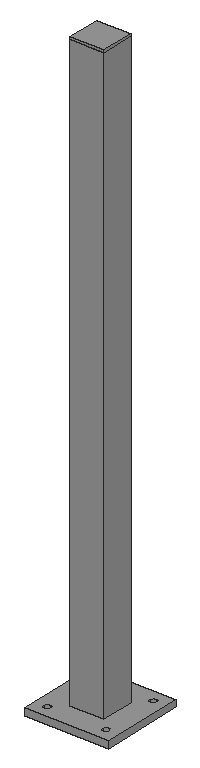
Revit family "ESPALIER_DOUBLE_MESH_PANEL_POST", category Specialty Equipment, Revit 2024
Family settings
  Round Connector Dimension = Use Diameter
  Part Type = Normal
  OmniClass Number = 23.55.00.00
  OmniClass Title = Manufactured Structures
  Work Plane-Based = No
  Enable Cutting in Views = No
  Always vertical = No
  Cut with Voids When Loaded = No
  Maintain Annotation Orientation = No
  Shared = No
  Room Calculation Point = No
Parameters (values of type "Assembly")
  Warranty URL = "https://palmshieldlouvers.com/wp-content/uploads/2020/01/PalmSHIELD-Warranty-NO-SIGN-LINE.pdf"
  Version = "2020 - v1.0a"  # constant formula
  URL = "https://palmshieldlouvers.com/"
  Product Page URL = "https://palmshieldlouvers.com/products/trellis-louvers/"
  Product Documentation Link = "https://palmshieldlouvers.com/wp-content/uploads/2022/03/PalmSHIELD-ESPALIER-trellis-panel-system-specifications-1.doc"
  Model = "Espalier Trellis System"  # constant formula
  Material = Metal - PalmSHIELD - Dusty Grey
  Manufacturer Phone Number = "531-329-4406 "  # constant formula
  Manufacturer Email = "mailto: info@palmshieldlouvers.com"
  Manufacturer Address = "12330 Cary Circle, La Vista, NE 68128"  # constant formula
  Manufacturer = "PalmSHIELD"  # constant formula
  Keynote = "05 10 00"
  Instruction Sheet Link = "https://palmshieldlouvers.com/wp-content/uploads/2020/01/PalmSHIELD-Post-Panel-Gate-Installation-Instructions-REV-1.pdf"
  ID [instance] = "Not Assigned"
  Height [instance] = if(Desired Overall Height < C Min Height, C Min Height, if(Desired Overall Height > C Max Height, C Max Height, Desired Overall Height))  # 6' - 0"
  Desired Overall Height [instance] = 6' - 0"
  Description = "Espalier Trellis System - Square Post"  # constant formula
  Default Elevation = 0' - 0"
  Copyright = "Copyright ©2024 The American Fence Company and PalmSHIELD. All Rights Reserved."  # constant formula
  Component Vis [instance] = yes
  Component Name [instance] = "Espalier Trellis System - Square Post"  # constant formula
  C Post Width = 0' - 4"  # constant formula
  C Min Height [instance] = 3' - 4"  # constant formula
  C Max Height [instance] = 10' - 0"  # constant formula
  Assembly Code = "F1020100"
Reference planes (in)
  plane 1 "Center (Front/Back)": y = 0
  plane 2: z = 0
  plane 3 "Center (Left/Right)": x = 0
  plane 4: z = 72
  plane 5: y = 2
  plane 6: y = -2
  plane 7: x = 2
  plane 8: x = -2
Lines and regions (in)
  reference lines
    curve 1: line (-24.29961, 0, 72) -> (24.70039, 0, 72)
Dimensions and locks (in)
  "Desired Overall Height": curve 1 to plane 2
  "Height": plane 4 to plane 2
  equal spacing: plane 8, plane 3 "Center (Left/Right)", plane 7
  equal spacing: plane 5, plane 1 "Center (Front/Back)", plane 6
  "C Post Width": plane 5 to plane 6
  "C Post Width": plane 8 to plane 7
  aligned and locked: plane 2 to level
Automatic sketch dimensions
  curve 1 to plane 8 = 1' - 10.29961"
  curve 1 to plane 7 = 1' - 10.70039"
Nested families (in)
  nested 1: "Screening-Louver-Assembly-Post-Palmshield-Espalier_Trellis_System" at (0, 0, 0), Desired Overall Height <- "Desired Overall Height", Overall Height <- "Height", ID <- "ID", Component Vis <- "Component Vis", type "Assembly"
    with Overall Height 6' - 0", ID "Not Assigned", Desired Overall Height 6' - 0", Component Vis yes, Component Name "Espalier Trellis System - Post Assembly"
  nested 2: "Nested-Base_Plate-Palmshield-Espalier_Trellis_System" at (0, 0, 0), type "10" x 10" x 3/4""
    with Material Metal - PalmSHIELD - Dusty Grey, ID "Not Assigned", Component Name "Espalier Trellis System - Aluminum - Base Plate"
  nested 3: "Nested-Square_Post-Aluminum-Palmshield-Espalier_Trellis_System" at (0, 0, 0.75), type "4" X 4" X 1/4" SQ. TUBE"
    with Material Metal - PalmSHIELD - Dusty Grey, Length 5' - 11", ID "Not Assigned", Component Name "Espalier Trellis System - Aluminum - Square Post"
  nested 4: "Nested-Top_Cap-Palmshield-Espalier_Trellis_System" at (0, 0, 71.75), type "4" x 4" x 1/4""
    with Material Metal - PalmSHIELD - Dusty Grey, ID "Not Assigned", Component Name "Espalier Trellis System - Aluminum - Square Top Cap"
Definition of nested family "Nested-Base_Plate-Palmshield-Espalier_Trellis_System"
  Parameters (values of type "10" x 10" x 3/4"")
    Width = if(Constraints = 1, 0' 10", 1' 2")  # 0' - 10"
    Warranty URL = "https://palmshieldlouvers.com/wp-content/uploads/2020/01/PalmSHIELD-Warranty-NO-SIGN-LINE.pdf"
    Version = "2020 - v1.0a"  # constant formula
    URL = "https://palmshieldlouvers.com/"
    Thickness = 0' - 0 3/4"  # constant formula
    Product Page URL = "https://palmshieldlouvers.com/products/trellis-louvers/"
    Product Documentation Link = "Contact Manufacturer for More Information"
    Model = "Espalier Trellis System - Single"  # constant formula
    Material [instance] = none
    Manufacturer Phone Number = "531-329-4406 "  # constant formula
    Manufacturer Fax Number = "Consult Manufacturer Website for More Information"  # constant formula
    Manufacturer Email = "mailto: info@palmshieldlouvers.com"
    Manufacturer Address = "12330 Cary Circle, La Vista, NE 68128"  # constant formula
    Manufacturer = "PalmSHIELD"  # constant formula
    Keynote = "05 10 00"
    Instruction Sheet Link = "https://palmshieldlouvers.com/wp-content/uploads/2020/01/PalmSHIELD-Post-Panel-Gate-Installation-Instructions-REV-1.pdf"
    ID [instance] = ""
    Hole Diameter = 0' - 0 3/4"  # constant formula
    Height = 0' - 10"  # constant formula
    Description = "Espalier Trellis System - Base Plate"  # constant formula
    Default Elevation = 4' - 0"
    Copyright = "Copyright ©2024 The American Fence Company and PalmSHIELD. All Rights Reserved."  # constant formula
    Constraints = 1
    Component Name [instance] = "Espalier Trellis System - Aluminum - Base Plate"  # constant formula
    C Hole Offset = 0' - 1 1/2"  # constant formula
    Assembly Code = "F1020100"
  Reference planes (in)
    plane 1 "Center (Front/Back)": y = 0
    plane 2: z = 0
    plane 3 "Center (Left/Right)": x = 0
    plane 4: y = 5
    plane 5: x = 5
    plane 6: y = -5
    plane 7: x = -5
    plane 8: z = 0.75
  Forms (in)
    Extrusion 1, solid
      sketch origin (0, 0, 0) x (1, 0, 0) y (0, 1, 0)
        loop
          line (-48, 48) -> (-48, -48) -> (48, -48) -> (48, 48) -> (-48, 48)
      from 0 to -12
    Extrusion 2, solid, material <- "Material"
      sketch origin (0, 0, 0) x (1, 0, 0) y (0, 1, 0)
        loop
          line (-5, 5) -> (-5, -5) -> (5, -5) -> (5, 5) -> (-5, 5)
        loop
          circle (-3.5, 3.5) r 0.375
        loop
          circle (3.5, 3.5) r 0.375
        loop
          circle (-3.5, -3.5) r 0.375
        loop
          circle (3.5, -3.5) r 0.375
      from 0 to 0.75
  Dimensions and locks (in)
    equal spacing: plane 7, plane 3 "Center (Left/Right)", plane 5
    equal spacing: plane 4, plane 1 "Center (Front/Back)", plane 6
    "Width": plane 7 to plane 5
    "Height": plane 4 to plane 6
    "C Hole Offset": plane 7 to Extrusion 2 sketch curve  (x2)
    "C Hole Offset": Extrusion 2 sketch curve to plane 5  (x2)
    "C Hole Offset": plane 4 to Extrusion 2 sketch curve  (x2)
    "C Hole Offset": plane 6 to Extrusion 2 sketch curve  (x2)
    "Thickness": plane 8 to plane 2
    "Width": Extrusion 2 to Extrusion 2
    "Hole Diameter": diameter of Extrusion 2 sketch curve  (x4)
    aligned and locked: plane 2 to Extrusion 1
    aligned and locked: level to Extrusion 1
    aligned and locked: Extrusion 2 sketch curve to plane 4
    aligned and locked: plane 7 to Extrusion 2 sketch curve
    aligned and locked: Extrusion 2 sketch curve to plane 6
    aligned and locked: Extrusion 2 sketch curve to plane 5
    aligned and locked: plane 8 to Extrusion 2
  Automatic sketch dimensions
    Extrusion 1 sketch curve to Extrusion 1 sketch curve = 8' - 0"  (x2)
Definition of nested family "Nested-Square_Post-Aluminum-Palmshield-Espalier_Trellis_System"
  Parameters (values of type "4" X 4" X 1/4" SQ. TUBE")
    Width = 0' - 4"  # constant formula
    Warranty URL = "https://palmshieldlouvers.com/wp-content/uploads/2020/01/PalmSHIELD-Warranty-NO-SIGN-LINE.pdf"
    Version = "2020 - v1.0a"  # constant formula
    URL = "https://palmshieldlouvers.com/"
    Thickness = 0' - 0 1/4"  # constant formula
    Product Page URL = "https://palmshieldlouvers.com/products/trellis-louvers/"
    Product Documentation Link = "Contact Manufacturer for More Information"
    Model = "Espalier Trellis System - Single"  # constant formula
    Material [instance] = none
    Manufacturer Phone Number = "531-329-4406 "  # constant formula
    Manufacturer Fax Number = "Consult Manufacturer Website for More Information"  # constant formula
    Manufacturer Email = "mailto: info@palmshieldlouvers.com"
    Manufacturer Address = "12330 Cary Circle, La Vista, NE 68128"  # constant formula
    Manufacturer = "PalmSHIELD"  # constant formula
    Length [instance] = 4' - 4.86713"
    Keynote = "05 10 00"
    Instruction Sheet Link = "https://palmshieldlouvers.com/wp-content/uploads/2020/01/PalmSHIELD-Post-Panel-Gate-Installation-Instructions-REV-1.pdf"
    ID [instance] = ""
    Description = "Espalier Trellis System - Post"  # constant formula
    Default Elevation = 4' - 0"
    Copyright = "Copyright ©2024 The American Fence Company and PalmSHIELD. All Rights Reserved."  # constant formula
    Component Name [instance] = "Espalier Trellis System - Aluminum - Square Post"  # constant formula
    Assembly Code = "F1020100"
  Reference planes (in)
    plane 1 "Center (Front/Back)": y = 0
    plane 2: z = 0
    plane 3 "Center (Left/Right)": x = 0
    plane 4: z = 52.86713
    plane 5: x = 2
    plane 6: x = -2
  Forms (in)
    Extrusion 1, solid
      sketch origin (0, 0, 0) x (1, 0, 0) y (0, 1, 0)
        loop
          line (-48, 48) -> (-48, -48) -> (48, -48) -> (48, 48) -> (-48, 48)
      from 0 to -12
    Sweep 2, solid, material <- "Material"
      path origin (0, 0, 0) x (0, 1, 0) y (0, 0, 1)
        loop
          line (0, 0) -> (0, 52.86713)
      profile "Profile-Palmshield-Square : 4" X 4" X 1/4" SQ. TUBE" origin (0, 0, 26.43357) x (0, -1, 0) y (1, 0, 0)
        loop
          line (1.75, 1.75) -> (-1.75, 1.75) -> (-1.75, -1.75) -> (1.75, -1.75) -> (1.75, 1.75)
        loop
          line (-2, -2) -> (2, -2) -> (2, 2) -> (-2, 2) -> (-2, -2)
  Dimensions and locks (in)
    "Length": plane 4 to plane 2
    equal spacing: plane 5, plane 3 "Center (Left/Right)", plane 6
    "Width": plane 5 to plane 6
    aligned and locked: plane 2 to Extrusion 1
    aligned and locked: level to Extrusion 1
    aligned and locked: plane 1 "Center (Front/Back)" to Sweep 2 sketch curve
    aligned and locked: plane 4 to Sweep 2 sketch curve
  Automatic sketch dimensions
    Extrusion 1 sketch curve to Extrusion 1 sketch curve = 8' - 0"  (x2)
    Sweep 2 sketch curve to level = 0' - 0"
Definition of nested family "Nested-Top_Cap-Palmshield-Espalier_Trellis_System"
  Parameters (values of type "4" x 4" x 1/4"")
    Width = 0' - 4"  # constant formula
    Warranty URL = "https://palmshieldlouvers.com/wp-content/uploads/2020/01/PalmSHIELD-Warranty-NO-SIGN-LINE.pdf"
    Version = "2020 - v1.0a"  # constant formula
    URL = "https://palmshieldlouvers.com/"
    Thickness = 0' - 0 1/4"  # constant formula
    Product Page URL = "https://palmshieldlouvers.com/products/trellis-louvers/"
    Product Documentation Link = "Contact Manufacturer for More Information"
    Model = "Espalier Trellis System - Single"  # constant formula
    Material [instance] = none
    Manufacturer Phone Number = "531-329-4406 "  # constant formula
    Manufacturer Fax Number = "Consult Manufacturer Website for More Information"  # constant formula
    Manufacturer Email = "mailto: info@palmshieldlouvers.com"
    Manufacturer Address = "12330 Cary Circle, La Vista, NE 68128"  # constant formula
    Manufacturer = "PalmSHIELD"  # constant formula
    Keynote = "05 10 00"
    Instruction Sheet Link = "https://palmshieldlouvers.com/wp-content/uploads/2020/01/PalmSHIELD-Post-Panel-Gate-Installation-Instructions-REV-1.pdf"
    ID [instance] = ""
    Description = "Espalier Trellis System - Top Cap"  # constant formula
    Default Elevation = 4' - 0"
    Copyright = "Copyright ©2024 The American Fence Company and PalmSHIELD. All Rights Reserved."  # constant formula
    Component Name [instance] = "Espalier Trellis System - Aluminum - Square Top Cap"  # constant formula
    Assembly Code = "F1020100"
  Reference planes (in)
    plane 1 "Center (Front/Back)": y = 0
    plane 2: z = 0
    plane 3 "Center (Left/Right)": x = 0
    plane 4: y = 2
    plane 5: x = 2
    plane 6: y = -2
    plane 7: x = -2
    plane 8: z = 0.25
  Forms (in)
    Extrusion 1, solid
      sketch origin (0, 0, 0) x (1, 0, 0) y (0, 1, 0)
        loop
          line (-48, 48) -> (-48, -48) -> (48, -48) -> (48, 48) -> (-48, 48)
      from 0 to -12
    Extrusion 2, solid, material <- "Material"
      sketch origin (0, 0, 0) x (1, 0, 0) y (0, 1, 0)
        loop
          line (-2, 2) -> (-2, -2) -> (2, -2) -> (2, 2) -> (-2, 2)
      from 0 to 0.25
  Dimensions and locks (in)
    equal spacing: plane 7, plane 3 "Center (Left/Right)", plane 5
    equal spacing: plane 4, plane 1 "Center (Front/Back)", plane 6
    "Width": plane 7 to plane 5
    "Width": plane 4 to plane 6
    "Thickness": plane 8 to plane 2
    aligned and locked: plane 2 to Extrusion 1
    aligned and locked: level to Extrusion 1
    aligned and locked: Extrusion 2 sketch curve to plane 4
    aligned and locked: plane 7 to Extrusion 2 sketch curve
    aligned and locked: Extrusion 2 sketch curve to plane 6
    aligned and locked: Extrusion 2 sketch curve to plane 5
    aligned and locked: plane 8 to Extrusion 2
  Automatic sketch dimensions
    Extrusion 1 sketch curve to Extrusion 1 sketch curve = 8' - 0"  (x2)
Definition of nested family "Screening-Louver-Assembly-Post-Palmshield-Espalier_Trellis_System"
  Parameters (values of type "Default")
    Width = 0' - 4"  # constant formula
    Warranty URL = "https://palmshieldlouvers.com/wp-content/uploads/2020/01/PalmSHIELD-Warranty-NO-SIGN-LINE.pdf"
    Version = "2020 - v1.0a"  # constant formula
    URL = "https://palmshieldlouvers.com/"
    Top Cap Thickness = 0' - 0 1/8"  # constant formula
    Product Page URL = "https://palmshieldlouvers.com/products/trellis-louvers/"
    Product Documentation Link = "Contact Manufacturer for More Information"
    Overall Height [instance] = if(Desired Overall Height < 3' 0", 3' 0", if(Desired Overall Height > 10' 0", 10' 0", Desired Overall Height))  # 6' - 0"
    Model = "Espalier Trellis System - Single"  # constant formula
    Material = none
    Manufacturer Phone Number = "531-329-4406 "  # constant formula
    Manufacturer Fax Number = "Consult Manufacturer Website for More Information"  # constant formula
    Manufacturer Email = "mailto: info@palmshieldlouvers.com"
    Manufacturer Address = "12330 Cary Circle, La Vista, NE 68128"  # constant formula
    Manufacturer = "PalmSHIELD"  # constant formula
    Keynote = "05 10 00"
    Instruction Sheet Link = "https://palmshieldlouvers.com/wp-content/uploads/2020/01/PalmSHIELD-Post-Panel-Gate-Installation-Instructions-REV-1.pdf"
    ID [instance] = "Not Assigned"
    Desired Overall Height [instance] = 6' - 0"
    Description = "Espalier Trellis System - Post Assembly"  # constant formula
    Default Elevation = 4' - 0"
    Copyright = "Copyright ©2024 The American Fence Company and PalmSHIELD. All Rights Reserved."  # constant formula
    Component Vis [instance] = yes
    Component Name [instance] = "Espalier Trellis System - Post Assembly"  # constant formula
    Base Plate Thickness = 0' - 0 3/4"  # constant formula
    Assembly Code = "F1020100"
  Reference planes (in)
    plane 1 "Center (Front/Back)": y = 0
    plane 2: z = 0
    plane 3 "Center (Left/Right)": x = 0
    plane 4: x = 2
    plane 5: x = -2
    plane 6: z = 72
    plane 7: z = 2
    plane 8: z = 71.75
  Forms (in)
    Extrusion 1, solid
      sketch origin (0, 0, 0) x (1, 0, 0) y (0, 1, 0)
        loop
          line (-48, 48) -> (-48, -48) -> (48, -48) -> (48, 48) -> (-48, 48)
      from 0 to -12
  Lines and regions (in)
    reference lines
      curve 1: line (-64.16684, 0, 72) -> (79.83316, 0, 72)
  Dimensions and locks (in)
    equal spacing: plane 4, plane 3 "Center (Left/Right)", plane 5
    "Width": plane 4 to plane 5
    plane 7 to plane 2 = 0' - 2"
    plane 3 "Center (Left/Right)" to nested 2 = 0' - 0"
    plane 3 "Center (Left/Right)" to nested 3 = 0' - 0"
    locked: plane 6 to plane 8 at 0.25
    "Desired Overall Height": curve 1 to plane 2
    "Overall Height": plane 6 to plane 2
    aligned and locked: plane 2 to Extrusion 1
    aligned and locked: level to Extrusion 1
    aligned and locked: plane 1 "Center (Front/Back)" to nested 1
    aligned and locked: plane 1 "Center (Front/Back)" to nested 3
    aligned and locked: plane 3 "Center (Left/Right)" to nested 1
    aligned and locked: nested 2 to plane 8
  Automatic sketch dimensions
    Extrusion 1 sketch curve to Extrusion 1 sketch curve = 8' - 0"  (x2)
    curve 1 to plane 5 = 5' - 2.16684"
    plane 4 to curve 1 = 6' - 5.83316"
  Nested families (in)
    nested 1: "Nested-Base_Plate-Palmshield-Espalier_Trellis_System" at (0, 0, 0), ID <- "ID", Material <- "Material", visible <- "Component Vis", type "10" x 10" x 3/4""
      with Material none, ID "Not Assigned", Component Name "Espalier Trellis System - Aluminum - Base Plate"
    nested 2: "Nested-Square_Post-Aluminum-Palmshield-Espalier_Trellis_System" at (0, 0, 0.75), ID <- "ID", Material <- "Material", visible <- "Component Vis", type "4" X 4" X 1/4" SQ. TUBE"
      with Material none, Length 5' - 11", ID "Not Assigned", Component Name "Espalier Trellis System - Aluminum - Square Post"
    nested 3: "Nested-Top_Cap-Palmshield-Espalier_Trellis_System" at (0, 0, 71.75), ID <- "ID", Material <- "Material", visible <- "Component Vis", type "4" x 4" x 1/4""
      with Material none, ID "Not Assigned", Component Name "Espalier Trellis System - Aluminum - Square Top Cap"
  Definition of nested family "Nested-Base_Plate-Palmshield-Espalier_Trellis_System"
    Parameters (values of type "10" x 10" x 3/4"")
      Width = if(Constraints = 1, 0' 10", 1' 2")  # 0' - 10"
      Warranty URL = "https://palmshieldlouvers.com/wp-content/uploads/2020/01/PalmSHIELD-Warranty-NO-SIGN-LINE.pdf"
      Version = "2020 - v1.0a"  # constant formula
      URL = "https://palmshieldlouvers.com/"
      Thickness = 0' - 0 3/4"  # constant formula
      Product Page URL = "https://palmshieldlouvers.com/products/trellis-louvers/"
      Product Documentation Link = "Contact Manufacturer for More Information"
      Model = "Espalier Trellis System - Single"  # constant formula
      Material [instance] = none
      Manufacturer Phone Number = "531-329-4406 "  # constant formula
      Manufacturer Fax Number = "Consult Manufacturer Website for More Information"  # constant formula
      Manufacturer Email = "mailto: info@palmshieldlouvers.com"
      Manufacturer Address = "12330 Cary Circle, La Vista, NE 68128"  # constant formula
      Manufacturer = "PalmSHIELD"  # constant formula
      Keynote = "05 10 00"
      Instruction Sheet Link = "https://palmshieldlouvers.com/wp-content/uploads/2020/01/PalmSHIELD-Post-Panel-Gate-Installation-Instructions-REV-1.pdf"
      ID [instance] = ""
      Hole Diameter = 0' - 0 3/4"  # constant formula
      Height = 0' - 10"  # constant formula
      Description = "Espalier Trellis System - Base Plate"  # constant formula
      Default Elevation = 4' - 0"
      Copyright = "Copyright ©2024 The American Fence Company and PalmSHIELD. All Rights Reserved."  # constant formula
      Constraints = 1
      Component Name [instance] = "Espalier Trellis System - Aluminum - Base Plate"  # constant formula
      C Hole Offset = 0' - 1 1/2"  # constant formula
      Assembly Code = "F1020100"
    Reference planes (in)
      plane 1 "Center (Front/Back)": y = 0
      plane 2: z = 0
      plane 3 "Center (Left/Right)": x = 0
      plane 4: y = 5
      plane 5: x = 5
      plane 6: y = -5
      plane 7: x = -5
      plane 8: z = 0.75
    Forms (in)
      Extrusion 1, solid
        sketch origin (0, 0, 0) x (1, 0, 0) y (0, 1, 0)
          loop
            line (-48, 48) -> (-48, -48) -> (48, -48) -> (48, 48) -> (-48, 48)
        from 0 to -12
      Extrusion 2, solid, material <- "Material"
        sketch origin (0, 0, 0) x (1, 0, 0) y (0, 1, 0)
          loop
            line (-5, 5) -> (-5, -5) -> (5, -5) -> (5, 5) -> (-5, 5)
          loop
            circle (-3.5, 3.5) r 0.375
          loop
            circle (3.5, 3.5) r 0.375
          loop
            circle (-3.5, -3.5) r 0.375
          loop
            circle (3.5, -3.5) r 0.375
        from 0 to 0.75
    Dimensions and locks (in)
      equal spacing: plane 7, plane 3 "Center (Left/Right)", plane 5
      equal spacing: plane 4, plane 1 "Center (Front/Back)", plane 6
      "Width": plane 7 to plane 5
      "Height": plane 4 to plane 6
      "C Hole Offset": plane 7 to Extrusion 2 sketch curve  (x2)
      "C Hole Offset": Extrusion 2 sketch curve to plane 5  (x2)
      "C Hole Offset": plane 4 to Extrusion 2 sketch curve  (x2)
      "C Hole Offset": plane 6 to Extrusion 2 sketch curve  (x2)
      "Thickness": plane 8 to plane 2
      "Width": Extrusion 2 to Extrusion 2
      "Hole Diameter": diameter of Extrusion 2 sketch curve  (x4)
      aligned and locked: plane 2 to Extrusion 1
      aligned and locked: level to Extrusion 1
      aligned and locked: Extrusion 2 sketch curve to plane 4
      aligned and locked: plane 7 to Extrusion 2 sketch curve
      aligned and locked: Extrusion 2 sketch curve to plane 6
      aligned and locked: Extrusion 2 sketch curve to plane 5
      aligned and locked: plane 8 to Extrusion 2
    Automatic sketch dimensions
      Extrusion 1 sketch curve to Extrusion 1 sketch curve = 8' - 0"  (x2)
  Definition of nested family "Nested-Square_Post-Aluminum-Palmshield-Espalier_Trellis_System"
    Parameters (values of type "4" X 4" X 1/4" SQ. TUBE")
      Width = 0' - 4"  # constant formula
      Warranty URL = "https://palmshieldlouvers.com/wp-content/uploads/2020/01/PalmSHIELD-Warranty-NO-SIGN-LINE.pdf"
      Version = "2020 - v1.0a"  # constant formula
      URL = "https://palmshieldlouvers.com/"
      Thickness = 0' - 0 1/4"  # constant formula
      Product Page URL = "https://palmshieldlouvers.com/products/trellis-louvers/"
      Product Documentation Link = "Contact Manufacturer for More Information"
      Model = "Espalier Trellis System - Single"  # constant formula
      Material [instance] = none
      Manufacturer Phone Number = "531-329-4406 "  # constant formula
      Manufacturer Fax Number = "Consult Manufacturer Website for More Information"  # constant formula
      Manufacturer Email = "mailto: info@palmshieldlouvers.com"
      Manufacturer Address = "12330 Cary Circle, La Vista, NE 68128"  # constant formula
      Manufacturer = "PalmSHIELD"  # constant formula
      Length [instance] = 4' - 4.86713"
      Keynote = "05 10 00"
      Instruction Sheet Link = "https://palmshieldlouvers.com/wp-content/uploads/2020/01/PalmSHIELD-Post-Panel-Gate-Installation-Instructions-REV-1.pdf"
      ID [instance] = ""
      Description = "Espalier Trellis System - Post"  # constant formula
      Default Elevation = 4' - 0"
      Copyright = "Copyright ©2024 The American Fence Company and PalmSHIELD. All Rights Reserved."  # constant formula
      Component Name [instance] = "Espalier Trellis System - Aluminum - Square Post"  # constant formula
      Assembly Code = "F1020100"
    Reference planes (in)
      plane 1 "Center (Front/Back)": y = 0
      plane 2: z = 0
      plane 3 "Center (Left/Right)": x = 0
      plane 4: z = 52.86713
      plane 5: x = 2
      plane 6: x = -2
    Forms (in)
      Extrusion 1, solid
        sketch origin (0, 0, 0) x (1, 0, 0) y (0, 1, 0)
          loop
            line (-48, 48) -> (-48, -48) -> (48, -48) -> (48, 48) -> (-48, 48)
        from 0 to -12
      Sweep 2, solid, material <- "Material"
        path origin (0, 0, 0) x (0, 1, 0) y (0, 0, 1)
          loop
            line (0, 0) -> (0, 52.86713)
        profile "Profile-Palmshield-Square : 4" X 4" X 1/4" SQ. TUBE" origin (0, 0, 26.43357) x (0, -1, 0) y (1, 0, 0)
          loop
            line (1.75, 1.75) -> (-1.75, 1.75) -> (-1.75, -1.75) -> (1.75, -1.75) -> (1.75, 1.75)
          loop
            line (-2, -2) -> (2, -2) -> (2, 2) -> (-2, 2) -> (-2, -2)
    Dimensions and locks (in)
      "Length": plane 4 to plane 2
      equal spacing: plane 5, plane 3 "Center (Left/Right)", plane 6
      "Width": plane 5 to plane 6
      aligned and locked: plane 2 to Extrusion 1
      aligned and locked: level to Extrusion 1
      aligned and locked: plane 1 "Center (Front/Back)" to Sweep 2 sketch curve
      aligned and locked: plane 4 to Sweep 2 sketch curve
    Automatic sketch dimensions
      Extrusion 1 sketch curve to Extrusion 1 sketch curve = 8' - 0"  (x2)
      Sweep 2 sketch curve to level = 0' - 0"
  Definition of nested family "Nested-Top_Cap-Palmshield-Espalier_Trellis_System"
    Parameters (values of type "4" x 4" x 1/4"")
      Width = 0' - 4"  # constant formula
      Warranty URL = "https://palmshieldlouvers.com/wp-content/uploads/2020/01/PalmSHIELD-Warranty-NO-SIGN-LINE.pdf"
      Version = "2020 - v1.0a"  # constant formula
      URL = "https://palmshieldlouvers.com/"
      Thickness = 0' - 0 1/4"  # constant formula
      Product Page URL = "https://palmshieldlouvers.com/products/trellis-louvers/"
      Product Documentation Link = "Contact Manufacturer for More Information"
      Model = "Espalier Trellis System - Single"  # constant formula
      Material [instance] = none
      Manufacturer Phone Number = "531-329-4406 "  # constant formula
      Manufacturer Fax Number = "Consult Manufacturer Website for More Information"  # constant formula
      Manufacturer Email = "mailto: info@palmshieldlouvers.com"
      Manufacturer Address = "12330 Cary Circle, La Vista, NE 68128"  # constant formula
      Manufacturer = "PalmSHIELD"  # constant formula
      Keynote = "05 10 00"
      Instruction Sheet Link = "https://palmshieldlouvers.com/wp-content/uploads/2020/01/PalmSHIELD-Post-Panel-Gate-Installation-Instructions-REV-1.pdf"
      ID [instance] = ""
      Description = "Espalier Trellis System - Top Cap"  # constant formula
      Default Elevation = 4' - 0"
      Copyright = "Copyright ©2024 The American Fence Company and PalmSHIELD. All Rights Reserved."  # constant formula
      Component Name [instance] = "Espalier Trellis System - Aluminum - Square Top Cap"  # constant formula
      Assembly Code = "F1020100"
    Reference planes (in)
      plane 1 "Center (Front/Back)": y = 0
      plane 2: z = 0
      plane 3 "Center (Left/Right)": x = 0
      plane 4: y = 2
      plane 5: x = 2
      plane 6: y = -2
      plane 7: x = -2
      plane 8: z = 0.25
    Forms (in)
      Extrusion 1, solid
        sketch origin (0, 0, 0) x (1, 0, 0) y (0, 1, 0)
          loop
            line (-48, 48) -> (-48, -48) -> (48, -48) -> (48, 48) -> (-48, 48)
        from 0 to -12
      Extrusion 2, solid, material <- "Material"
        sketch origin (0, 0, 0) x (1, 0, 0) y (0, 1, 0)
          loop
            line (-2, 2) -> (-2, -2) -> (2, -2) -> (2, 2) -> (-2, 2)
        from 0 to 0.25
    Dimensions and locks (in)
      equal spacing: plane 7, plane 3 "Center (Left/Right)", plane 5
      equal spacing: plane 4, plane 1 "Center (Front/Back)", plane 6
      "Width": plane 7 to plane 5
      "Width": plane 4 to plane 6
      "Thickness": plane 8 to plane 2
      aligned and locked: plane 2 to Extrusion 1
      aligned and locked: level to Extrusion 1
      aligned and locked: Extrusion 2 sketch curve to plane 4
      aligned and locked: plane 7 to Extrusion 2 sketch curve
      aligned and locked: Extrusion 2 sketch curve to plane 6
      aligned and locked: Extrusion 2 sketch curve to plane 5
      aligned and locked: plane 8 to Extrusion 2
    Automatic sketch dimensions
      Extrusion 1 sketch curve to Extrusion 1 sketch curve = 8' - 0"  (x2)
